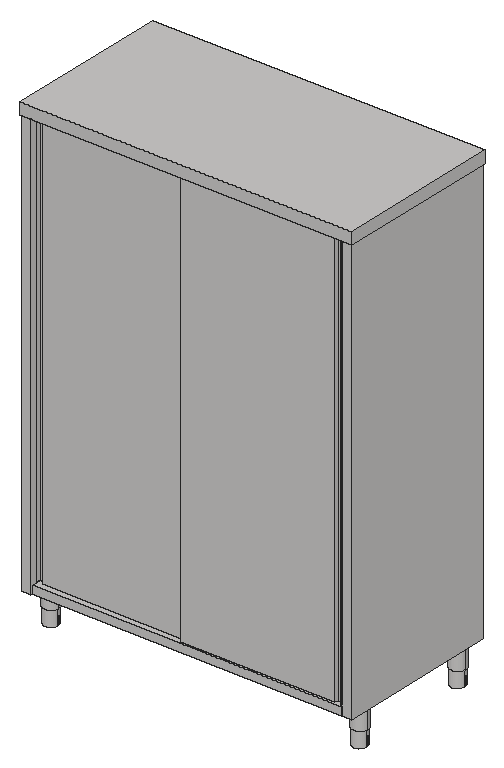
Revit family "QF_ELECTROLUXPROFESSIONAL_132890_SASH14N", category Attrezzature speciali, Revit 2020
Family settings
  Quota connettore circolare = Usa diametro
  Tipo di parte = Normale
  Basato su piano di lavoro = No
  Sempre verticale = Sì
  Taglio con vuoti quando caricato = No
  Condiviso = No
  Punto di calcolo locali = No
Parameters (values of type "Standard")
  Weight = 150.00 kg
  Watts = 0 W
  Volts = 0 V
  URL Manufacturer = "https://www.electroluxprofessional.com/"
  URL = "https://www.electroluxprofessional.com/"
  Steam Supply Size = 0 mm
  Steam Supply Minimum Pressure = 0.0 Pa
  Steam Supply Maximum Pressure = 0.0 Pa
  Steam Consumption per Hour = 0
  Refrigeration Suction Line Size = 0.0 mm
  Refrigeration Liquid Line Size = 0.0 mm
  Refrigerant Compressor Remote = yes
  Prospetto di default = 0.0 mm
  Phase = 0
  Modello = "SASH14N"
  Produttore = "Electrolux Professional"
  Length Actual = 1400.0 mm  # constant formula
  Item Number = "132890"
  Hot Water Size = 0 mm
  Height Actual = 2000.0 mm  # constant formula
  HP = "0 HP"
  Gas Size = 0 mm
  Gas KW = 0
  Gas Input Pressure = 0 W
  Direct Waste Size = 0 mm
  Descrizione = "STORAGE CAB(H=2000)+SLIDING DOORS 1400MM"
  Depth Actual = 700.0 mm  # constant formula
  Cycle = 0 Hz
  Condensate Return Size = 0 mm
  Compressed Air Volume = 0.0 L/s
  Compressed Air Size = 0 mm
  Compressed Air Pressure = 0.0 Pa
  Cold Water Size = 0 mm
  Accessory = yes
Reference planes
  plane 1 "Center (Front/Back)": y = 0
  plane 2: z = 0
  plane 3 "Center (Left/Right)": x = -300
  plane 4 "LEFT": x = -1000
  plane 5 "RIGHT": x = 400
  plane 6 "BACK": y = 350
  plane 7 "FRONT": y = -350
  plane 8 "TOP": z = 2000
  plane 9: x = -952
  plane 10: x = 352
  plane 11: y = 270
  plane 12: y = -247
  plane 13 "FEET": z = 150
  plane 14: x = -954.5
  plane 15: y = -344.5
  plane 16: x = 354.5
  plane 17: x = -326.5
  plane 18: x = -273.5
  plane 19 "BaseTop": z = 1950
  plane 20: x = -994.5
  plane 21: x = 394.5
  plane 22: y = 344.5
Forms (mm)
  Extrusion 1, solid, material "QF_Finishes_Stainless Steel"
    sketch origin (0, 0, 150) x (-1, 0, 0) y (0, -1, 0)
      loop
        line (994.5, -350) -> (994.5, 350) -> (954.5, 350) -> (954.5, -350) -> (994.5, -350)
      loop
        line (-354.5, -350) -> (-354.5, 344.5) -> (-394.5, 344.5) -> (-394.5, -350) -> (-354.5, -350)
    from 0 to 1800
  Extrusion 2, solid, material "QF_Finishes_Stainless Steel"
    sketch origin (0, 0, 150) x (-1, 0, 0) y (0, -1, 0)
      loop
        line (954.5, -347) -> (954.5, 344.5) -> (-354.5, 344.5) -> (-354.5, -347) -> (954.5, -347)
    from 0 to 35
  Extrusion 3, solid, material "QF_Finishes_Stainless Steel"
    sketch origin (0, 0, 150) x (-1, 0, 0) y (0, -1, 0)
      loop
        line (-354.5, -350) -> (954.5, -350) -> (954.5, -327) -> (-354.5, -327) -> (-354.5, -350)
    from 1800 to 35
  Extrusion 4, solid, material "QF_Finishes_Stainless Steel"
    sketch origin (0, 0, 1950) x (-1, 0, 0) y (0, -1, 0)
      loop
        line (1000, 350) -> (-400, 350) -> (-400, -350) -> (1000, -350) -> (1000, 350)
    from 0 to 50
  Extrusion 5, solid, material "QF_Finishes_Stainless Steel"
    sketch origin (33, 0, 150) x (-1, 0, 0) y (0, -1, 0)
      loop
        line (306.5, 324.5) -> (306.5, 304.5) -> (985, 304.5) -> (985, 324.5) -> (983, 324.5) -> (983, 309.5) -> (956.034, 309.5) -> (956.034, 324.5) -> (306.5, 324.5)
    from 1800 to 40
  Extrusion 6, solid, material "QF_Finishes_Stainless Steel"
    sketch origin (-633, 0, 150) x (1, 0, 0) y (0, 1, 0)
      loop
        line (306.5, -344.5) -> (956.034, -344.5) -> (956.034, -329.5) -> (983, -329.5) -> (983, -344.5) -> (985, -344.5) -> (985, -324.5) -> (306.5, -324.5) -> (306.5, -344.5)
    from 1800 to 40
Lines and regions (mm)
  symbolic lines, style "SpecialityEquipment"
    curve 1: line (-1000, 350, 1950) -> (400, 350, 1950)
    curve 2: line (-1000, -350, 1950) -> (-1000, 350, 1950)
    curve 3: line (400, -350, 1950) -> (-1000, -350, 1950)
    curve 4: line (400, 350, 1950) -> (400, -350, 1950)
  symbolic lines, style "SpecialityEquipmentHiddenLines"
    curve 5: line (-1000, -350, 1950) -> (400, 350, 1950)
    curve 6: line (-326.5, -324.5, 200) -> (-326.5, -344.5, 200)
    curve 7: line (-952, -304.5, 1950) -> (-273.5, -304.5, 1950)
    curve 8: line (-273.5, -304.5, 1950) -> (-273.5, -324.5, 1950)
    curve 9: line (-273.5, -324.5, 1950) -> (-952, -324.5, 1950)
    curve 10: line (-952, -324.5, 1950) -> (-952, -304.5, 1950)
    curve 11: line (-326.5, -344.5, 1950) -> (352, -344.5, 1950)
    curve 12: line (352, -344.5, 1950) -> (352, -324.5, 1950)
    curve 13: line (352, -324.5, 1950) -> (-273.5, -324.5, 1950)
Dimensions and locks
  plane 4 "LEFT" to plane 5 "RIGHT" = 1400.0 mm
  equal spacing: plane 4 "LEFT", plane 3 "Center (Left/Right)", plane 5 "RIGHT"
  plane 6 "BACK" to plane 7 "FRONT" = 700.0 mm
  equal spacing: plane 6 "BACK", plane 1 "Center (Front/Back)", plane 7 "FRONT"
  locked: plane 13 "FEET" to level at 150
  locked: plane 4 "LEFT" to plane 9 at 48
  locked: plane 10 to plane 5 "RIGHT" at 48
  locked: plane 6 "BACK" to plane 11 at 80
  locked: plane 12 to plane 7 "FRONT" at 103
  locked: plane 8 "TOP" to level at 2000
  locked: plane 17 to plane 18 at 53
  equal spacing: plane 17, plane 3 "Center (Left/Right)", plane 18
  plane 4 "LEFT" to plane 20 = 5.5 mm
  locked: plane 20 to plane 14 at 40
  locked: plane 16 to plane 21 at 40
  locked: plane 21 to plane 5 "RIGHT" at 5.5
  plane 15 to plane 7 "FRONT" = 5.5 mm  (x2)
  plane 6 "BACK" to plane 22 = 5.5 mm
  locked: plane 8 "TOP" to plane 19 "BaseTop" at 50
  aligned and locked: level to plane 2
  aligned and locked: plane 9 to nested 1
  aligned and locked: plane 10 to nested 2
  aligned and locked: nested 4 to plane 11
  aligned and locked: plane 9 to nested 3
  aligned and locked: nested 3 to plane 11
  aligned and locked: plane 6 "BACK" to Extrusion 1 sketch curve
  aligned and locked: Extrusion 1 sketch curve to plane 6 "BACK"
  aligned and locked: Extrusion 1 sketch curve to plane 7 "FRONT"
  aligned and locked: plane 14 to Extrusion 1
  aligned and locked: Extrusion 2 to plane 14
  aligned and locked: Extrusion 2 to plane 15
  aligned and locked: nested 1 to plane 12
  aligned and locked: nested 2 to plane 12
  aligned and locked: Extrusion 2 sketch curve to plane 16
  aligned and locked: nested 4 to nested 2
  aligned and locked: plane 16 to Extrusion 3
  aligned and locked: Extrusion 3 to plane 14
  aligned and locked: plane 19 "BaseTop" to Extrusion 3
Automatic sketch dimensions
  Extrusion 1 sketch curve to plane 15 = 0.0 mm
  Extrusion 1 sketch curve to plane 21 = 0.0 mm
  Extrusion 1 sketch curve to plane 16 = 0.0 mm
  Extrusion 1 sketch curve to plane 14 = 0.0 mm
  Extrusion 1 sketch curve to plane 20 = 0.0 mm
  Extrusion 2 sketch curve to plane 14 = 0.0 mm
  Extrusion 2 sketch curve to plane 15 = 0.0 mm
  plane 22 to Extrusion 2 sketch curve = 2.5 mm
  curve 6 to plane 15 = 0.0 mm
  curve 6 to plane 17 = 0.0 mm
  plane 15 to curve 6 = 20.0 mm
  Extrusion 3 sketch curve to plane 6 "BACK" = 0.0 mm
  Extrusion 3 sketch curve to plane 16 = 0.0 mm
  Extrusion 3 sketch curve to plane 14 = 0.0 mm
  plane 22 to Extrusion 3 sketch curve = 17.5 mm
  Extrusion 4 sketch curve to plane 5 "RIGHT" = 0.0 mm
  Extrusion 4 sketch curve to plane 4 "LEFT" = 0.0 mm
  Extrusion 4 sketch curve to plane 6 "BACK" = 0.0 mm
  Extrusion 4 sketch curve to plane 7 "FRONT" = 0.0 mm
  Extrusion 5 sketch curve to plane 18 = 0.0 mm
  Extrusion 5 sketch curve to plane 9 = 0.0 mm
  plane 9 to Extrusion 5 sketch curve = 28.966 mm
  plane 9 to Extrusion 5 sketch curve = 2.0 mm
  plane 15 to Extrusion 5 sketch curve = 40.0 mm
  Extrusion 5 sketch curve to Extrusion 5 sketch curve = 5.0 mm
  Extrusion 5 sketch curve to Extrusion 5 sketch curve = 15.0 mm  (x2)
  Extrusion 6 sketch curve to plane 17 = 0.0 mm
  Extrusion 6 sketch curve to plane 15 = 0.0 mm  (x2)
  Extrusion 6 sketch curve to plane 10 = 0.0 mm
  plane 10 to Extrusion 6 sketch curve = 28.966 mm
  Extrusion 6 sketch curve to plane 15 = 15.0 mm
  Extrusion 6 sketch curve to Extrusion 6 sketch curve = 20.0 mm
  Extrusion 6 sketch curve to Extrusion 6 sketch curve = 2.0 mm
  curve 1 to plane 5 "RIGHT" = 0.0 mm
  curve 11 to plane 10 = 0.0 mm
  curve 8 to plane 18 = 0.0 mm
  curve 11 to plane 17 = 0.0 mm
  curve 9 to plane 9 = 0.0 mm
  curve 3 to plane 4 "LEFT" = 0.0 mm
  curve 1 to plane 6 "BACK" = 0.0 mm
  curve 12 to plane 15 = 0.0 mm
  curve 4 to plane 7 "FRONT" = 0.0 mm
  plane 15 to curve 8 = 40.0 mm
  curve 13 to curve 11 = 20.0 mm
Nested families
  nested 1: "FEET_D60-150" at (-952, -247, 0), type "FEET_D60-150"
  nested 2: "FEET_D60-150" at (352, -247, 0), type "FEET_D60-150"
  nested 3: "FEET_D60-150" at (-952, 270, 0), type "FEET_D60-150"
  nested 4: "FEET_D60-150" at (352, 270, 0), type "FEET_D60-150"
Definition of nested family "FEET_D60-150"
  Parameters
    Default Elevation = 0.0 mm
    FEET = 150.0 mm
  Reference planes
    plane 1 "Center (Front/Back)": y = 0
    plane 2: z = 0
    plane 3 "Center (Left/Right)": x = 0
    plane 4: z = 150
  Forms (mm)
    Extrusion 1, solid
      sketch origin (0, 0, 0) x (1, 0, 0) y (0, 1, 0)
        loop
          circle (0, 0) r 28
      from 0 to 67
    Revolve 2, solid
      sketch origin (0, 0, 0) x (1, 0, 0) y (0, 0, 1)
        loop
          line (0, 0) -> (0, 150) -> (-32.939, 150) -> (-32.939, 67) -> (-30, 67) -> (-30, 0) -> (0, 0)
        axis (0, 150) -> (0, 0)
      angle from 0 to 360
  Lines and regions (mm)
    symbolic lines
      curve 1: line (0, -1.503, 0) -> (0, 1.508, 0)
      curve 2: line (1.561, 0, 0) -> (-1.439, 0, 0)
  Dimensions and locks
    "FEET": plane 4 to plane 2
    aligned and locked: level to plane 2
  Automatic sketch dimensions
    plane 1 "Center (Front/Back)" to Extrusion 1 sketch curve = 0.0 mm
    Extrusion 1 sketch curve to plane 3 "Center (Left/Right)" = 0.0 mm
    plane 1 "Center (Front/Back)" to curve 2 = 0.0 mm
    curve 1 to plane 3 "Center (Left/Right)" = 0.0 mm
    curve 2 to plane 3 "Center (Left/Right)" = 1.439 mm
    plane 3 "Center (Left/Right)" to curve 2 = 1.561 mm
    plane 1 "Center (Front/Back)" to curve 1 = 1.503 mm
    curve 1 to plane 1 "Center (Front/Back)" = 1.508 mm
    Revolve 2 sketch curve to plane 4 = 0.0 mm
    Revolve 2 sketch curve to level = 0.0 mm
    Revolve 2 sketch curve to plane 3 "Center (Left/Right)" = 0.0 mm  (x2)
    Revolve 2 sketch curve to plane 3 "Center (Left/Right)" = 30.0 mm
    Revolve 2 sketch curve to plane 3 "Center (Left/Right)" = 32.939 mm
    level to Revolve 2 sketch curve = 67.0 mm
    Revolve 2 sketch curve to level = 42.207 mm
    Revolve 2 sketch curve to Revolve 2 sketch curve = 10.0 mm
    radius of Extrusion 1 sketch curve = 28.0 mm
